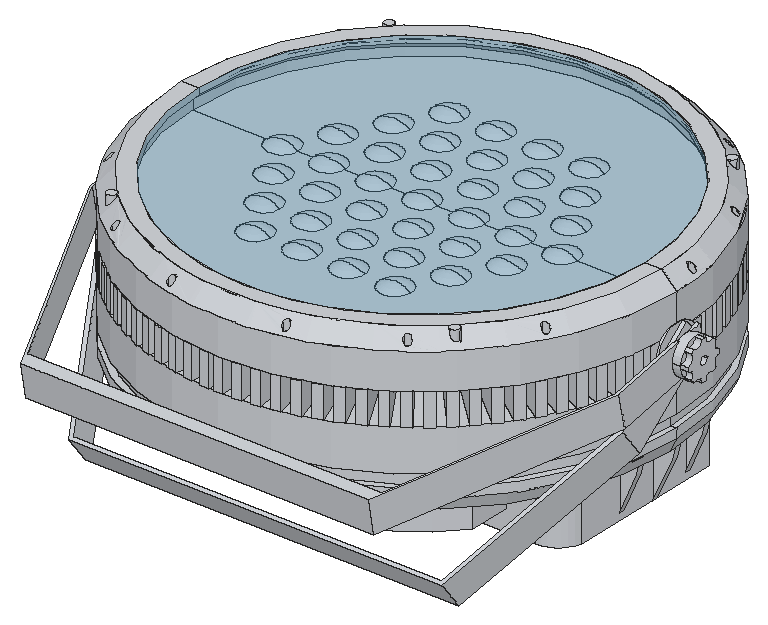
Revit family "WALL WASHER BUILDING RGBW_LV2610QW.20", category Luminarias, Revit 2019
Family settings
  Cota de conector redondo = Diámetro de uso
  Tipo de pieza = Normal
  Se basa en plano de trabajo = Sí
  Siempre vertical = No
  Corte con vacíos al cargar = No
  Origen de luz = Sí
  Compartido = No
  Punto de cálculo de habitación = No
Parameters (values of type "REFL_LV2610QW.20")
  Ángulo de inclinación = 40.00°
  Zone [instance] = ""
  Watt per fixture = 290
  Wattage = 290 W
  built-in parameter 1150107 = 6000 (stored number, unit not read)
  built-in parameter 1150110 = 1 (stored number, unit not read)
  built-in parameter 1150109 = 1 (stored number, unit not read)
  built-in parameter 1150112 = 1 (stored number, unit not read)
  built-in parameter 1150113 = 1 (stored number, unit not read)
  built-in parameter 1114218 = 1 (stored number, unit not read)
  Keynote = ""
  built-in parameter 1150137 = (empty or 0)
  built-in parameter 1150132 = (empty or 0)
  Modelo = "LV2610QW.20"
  Lámpara = "CREE"
  built-in parameter 1150105 = 716.09 (stored number, unit not read)
  built-in parameter 1150102 = (empty or 0)
  built-in parameter 1150106 = 7.1609 (stored number, unit not read)
  Lumens = 8998.7 lm
  Color Filter = 16777215
  built-in parameter 1114217 = 1 (stored number, unit not read)
  built-in parameter 1150139 = (empty or 0)
  Fabricante = "BRILLANT"
  Default Elevation = 0 mm
  built-in parameter 1150104 = 2.8828 (stored number, unit not read)
  Descripción = "LUMINARIA TIPO REFLECTOR DIRIGIBLE, WALL WASHER, CUERPO DE ALUMINIO FUNDIDO A PRESION, 399MM DE DIAMETRO POR 195MM DE PROFUNDO CON UN PESO DE 14.6KG, CUENTA CON 26 LED TIPO CREE TECNOLOGIA RGBW CON UN CONSUMO TOTAL DE 290W, 9000 LUMENES FULL COLOUR, RGBW, IP 66, CABLE H07RN DE 1.5M, APERTURA DE 20 GRADOS POR PROYECTO, ALIMENTADA A 90-277V."
  built-in parameter 1150115 = 1 (stored number, unit not read)
  built-in parameter 1150114 = 1 (stored number, unit not read)
  Comentarios de vataje = "90-277V"
  built-in parameter 1150138 = (empty or 0)
  built-in parameter 1150134 = 5
  Circuit [instance] = ""
  Dimming Lamp Color Temperature Shift = 1
  Archivo de red fotométrica = "LV2610QW_FULL_20.IES"
  built-in parameter 1150133 = 10 (stored number, unit not read)
Reference planes
  plane 1 "Centro (Frontal/Posterior)": y = 0
  plane 2: z = 0
  plane 3 "Centro (Izquierda/Derecha)": x = 0
  plane 4: z = 195
Forms (mm)
  Revolve 1, solid
    sketch origin (0, 0, 0) x (1, 0, 0) y (0, 0, 1)
      loop
        line (175.141, 195) -> (175.141, 189.859) -> (180, 185) -> (180, 177.914) -> (0, 177.914) -> (0, 70) -> (194.5, 70) -> (199.5, 80) -> (199.5, 87.5) -> (194.5, 87.5) -> (194.5, 97.5) -> (199.5, 97.5) -> (199.5, 130) -> (154.5, 130) -> (154.5, 155) -> (199.5, 155) -> (199.5, 183.361) -> (187.861, 195) -> (175.141, 195)
      axis (0, 195) -> (0, 70)
    angle from 0 to 360
  Extrusion 2, solid
    sketch origin (0, 0, 0) x (1, 0, 0) y (0, 1, 0)
      loop
        arc (-3.849, -199.358) -> (-0.226, -199.399) -> (3.398, -199.374) r 200
        line (3.398, -199.374) -> (1.83, -154.458)
        arc (1.83, -154.458) -> (-0.226, -154.464) -> (-2.281, -154.446) r 175
        line (-2.281, -154.446) -> (-3.849, -199.358)
    from 130 to 155
  Extrusion 3, solid
    sketch origin (0, 0, 0) x (0.997554, 0.069902, 0) y (-0.069902, 0.997554, 0)
      loop
        arc (-3.849, -199.358) -> (-0.226, -199.399) -> (3.398, -199.374) r 200
        line (3.398, -199.374) -> (1.83, -154.458)
        arc (1.83, -154.458) -> (-0.226, -154.464) -> (-2.281, -154.446) r 175
        line (-2.281, -154.446) -> (-3.849, -199.358)
    from 130 to 155
  Extrusion 4, solid
    sketch origin (0, 0, 0) x (0.990227, 0.139463, 0) y (-0.139463, 0.990227, 0)
      loop
        arc (-3.849, -199.358) -> (-0.226, -199.399) -> (3.398, -199.374) r 200
        line (3.398, -199.374) -> (1.83, -154.458)
        arc (1.83, -154.458) -> (-0.226, -154.464) -> (-2.281, -154.446) r 175
        line (-2.281, -154.446) -> (-3.849, -199.358)
    from 130 to 155
  Extrusion 5, solid
    sketch origin (0, 0, 0) x (0.978056, 0.208341, 0) y (-0.208341, 0.978056, 0)
      loop
        arc (-3.849, -199.358) -> (-0.226, -199.399) -> (3.398, -199.374) r 200
        line (3.398, -199.374) -> (1.83, -154.458)
        arc (1.83, -154.458) -> (-0.226, -154.464) -> (-2.281, -154.446) r 175
        line (-2.281, -154.446) -> (-3.849, -199.358)
    from 130 to 155
  Extrusion 6, solid
    sketch origin (0, 0, 0) x (0.9611, 0.276199, 0) y (-0.276199, 0.9611, 0)
      loop
        arc (-3.849, -199.358) -> (-0.226, -199.399) -> (3.398, -199.374) r 200
        line (3.398, -199.374) -> (1.83, -154.458)
        arc (1.83, -154.458) -> (-0.226, -154.464) -> (-2.281, -154.446) r 175
        line (-2.281, -154.446) -> (-3.849, -199.358)
    from 130 to 155
  Extrusion 7, solid
    sketch origin (0, 0, 0) x (0.939442, 0.342707, 0) y (-0.342707, 0.939442, 0)
      loop
        arc (-3.849, -199.358) -> (-0.226, -199.399) -> (3.398, -199.374) r 200
        line (3.398, -199.374) -> (1.83, -154.458)
        arc (1.83, -154.458) -> (-0.226, -154.464) -> (-2.281, -154.446) r 175
        line (-2.281, -154.446) -> (-3.849, -199.358)
    from 130 to 155
  Extrusion 8, solid
    sketch origin (0, 0, 0) x (0.913188, 0.407538, 0) y (-0.407538, 0.913188, 0)
      loop
        arc (-3.849, -199.358) -> (-0.226, -199.399) -> (3.398, -199.374) r 200
        line (3.398, -199.374) -> (1.83, -154.458)
        arc (1.83, -154.458) -> (-0.226, -154.464) -> (-2.281, -154.446) r 175
        line (-2.281, -154.446) -> (-3.849, -199.358)
    from 130 to 155
  Extrusion 9, solid
    sketch origin (0, 0, 0) x (0.882467, 0.470375, 0) y (-0.470375, 0.882467, 0)
      loop
        arc (-3.849, -199.358) -> (-0.226, -199.399) -> (3.398, -199.374) r 200
        line (3.398, -199.374) -> (1.83, -154.458)
        arc (1.83, -154.458) -> (-0.226, -154.464) -> (-2.281, -154.446) r 175
        line (-2.281, -154.446) -> (-3.849, -199.358)
    from 130 to 155
  Extrusion 10, solid
    sketch origin (0, 0, 0) x (0.847428, 0.53091, 0) y (-0.53091, 0.847428, 0)
      loop
        arc (-3.849, -199.358) -> (-0.226, -199.399) -> (3.398, -199.374) r 200
        line (3.398, -199.374) -> (1.83, -154.458)
        arc (1.83, -154.458) -> (-0.226, -154.464) -> (-2.281, -154.446) r 175
        line (-2.281, -154.446) -> (-3.849, -199.358)
    from 130 to 155
  Extrusion 11, solid
    sketch origin (0, 0, 0) x (0.808243, 0.588849, 0) y (-0.588849, 0.808243, 0)
      loop
        arc (-3.849, -199.358) -> (-0.226, -199.399) -> (3.398, -199.374) r 200
        line (3.398, -199.374) -> (1.83, -154.458)
        arc (1.83, -154.458) -> (-0.226, -154.464) -> (-2.281, -154.446) r 175
        line (-2.281, -154.446) -> (-3.849, -199.358)
    from 130 to 155
  Extrusion 12, solid
    sketch origin (0, 0, 0) x (0.765104, 0.643906, 0) y (-0.643906, 0.765104, 0)
      loop
        arc (-3.849, -199.358) -> (-0.226, -199.399) -> (3.398, -199.374) r 200
        line (3.398, -199.374) -> (1.83, -154.458)
        arc (1.83, -154.458) -> (-0.226, -154.464) -> (-2.281, -154.446) r 175
        line (-2.281, -154.446) -> (-3.849, -199.358)
    from 130 to 155
  Extrusion 13, solid
    sketch origin (0, 0, 0) x (0.718222, 0.695814, 0) y (-0.695814, 0.718222, 0)
      loop
        arc (-3.849, -199.358) -> (-0.226, -199.399) -> (3.398, -199.374) r 200
        line (3.398, -199.374) -> (1.83, -154.458)
        arc (1.83, -154.458) -> (-0.226, -154.464) -> (-2.281, -154.446) r 175
        line (-2.281, -154.446) -> (-3.849, -199.358)
    from 130 to 155
  Extrusion 14, solid
    sketch origin (0, 0, 0) x (0.667826, 0.744317, 0) y (-0.744317, 0.667826, 0)
      loop
        arc (-3.849, -199.358) -> (-0.226, -199.399) -> (3.398, -199.374) r 200
        line (3.398, -199.374) -> (1.83, -154.458)
        arc (1.83, -154.458) -> (-0.226, -154.464) -> (-2.281, -154.446) r 175
        line (-2.281, -154.446) -> (-3.849, -199.358)
    from 130 to 155
  Extrusion 15, solid
    sketch origin (0, 0, 0) x (0.614163, 0.789179, 0) y (-0.789179, 0.614163, 0)
      loop
        arc (-3.849, -199.358) -> (-0.226, -199.399) -> (3.398, -199.374) r 200
        line (3.398, -199.374) -> (1.83, -154.458)
        arc (1.83, -154.458) -> (-0.226, -154.464) -> (-2.281, -154.446) r 175
        line (-2.281, -154.446) -> (-3.849, -199.358)
    from 130 to 155
  Extrusion 16, solid
    sketch origin (0, 0, 0) x (0.557495, 0.83018, 0) y (-0.83018, 0.557495, 0)
      loop
        arc (-3.849, -199.358) -> (-0.226, -199.399) -> (3.398, -199.374) r 200
        line (3.398, -199.374) -> (1.83, -154.458)
        arc (1.83, -154.458) -> (-0.226, -154.464) -> (-2.281, -154.446) r 175
        line (-2.281, -154.446) -> (-3.849, -199.358)
    from 130 to 155
  Extrusion 17, solid
    sketch origin (0, 0, 0) x (0.4981, 0.867119, 0) y (-0.867119, 0.4981, 0)
      loop
        arc (-3.849, -199.358) -> (-0.226, -199.399) -> (3.398, -199.374) r 200
        line (3.398, -199.374) -> (1.83, -154.458)
        arc (1.83, -154.458) -> (-0.226, -154.464) -> (-2.281, -154.446) r 175
        line (-2.281, -154.446) -> (-3.849, -199.358)
    from 130 to 155
  Extrusion 18, solid
    sketch origin (0, 0, 0) x (0.436268, 0.899817, 0) y (-0.899817, 0.436268, 0)
      loop
        arc (-3.849, -199.358) -> (-0.226, -199.399) -> (3.398, -199.374) r 200
        line (3.398, -199.374) -> (1.83, -154.458)
        arc (1.83, -154.458) -> (-0.226, -154.464) -> (-2.281, -154.446) r 175
        line (-2.281, -154.446) -> (-3.849, -199.358)
    from 130 to 155
  Extrusion 19, solid
    sketch origin (0, 0, 0) x (0.372302, 0.928112, 0) y (-0.928112, 0.372302, 0)
      loop
        arc (-3.849, -199.358) -> (-0.226, -199.399) -> (3.398, -199.374) r 200
        line (3.398, -199.374) -> (1.83, -154.458)
        arc (1.83, -154.458) -> (-0.226, -154.464) -> (-2.281, -154.446) r 175
        line (-2.281, -154.446) -> (-3.849, -199.358)
    from 130 to 155
  Extrusion 20, solid
    sketch origin (0, 0, 0) x (0.306514, 0.951866, 0) y (-0.951866, 0.306514, 0)
      loop
        arc (-3.849, -199.358) -> (-0.226, -199.399) -> (3.398, -199.374) r 200
        line (3.398, -199.374) -> (1.83, -154.458)
        arc (1.83, -154.458) -> (-0.226, -154.464) -> (-2.281, -154.446) r 175
        line (-2.281, -154.446) -> (-3.849, -199.358)
    from 130 to 155
  Extrusion 21, solid
    sketch origin (0, 0, 0) x (0.239227, 0.970964, 0) y (-0.970964, 0.239227, 0)
      loop
        arc (-3.849, -199.358) -> (-0.226, -199.399) -> (3.398, -199.374) r 200
        line (3.398, -199.374) -> (1.83, -154.458)
        arc (1.83, -154.458) -> (-0.226, -154.464) -> (-2.281, -154.446) r 175
        line (-2.281, -154.446) -> (-3.849, -199.358)
    from 130 to 155
  Extrusion 22, solid
    sketch origin (0, 0, 0) x (0.170769, 0.985311, 0) y (-0.985311, 0.170769, 0)
      loop
        arc (-3.849, -199.358) -> (-0.226, -199.399) -> (3.398, -199.374) r 200
        line (3.398, -199.374) -> (1.83, -154.458)
        arc (1.83, -154.458) -> (-0.226, -154.464) -> (-2.281, -154.446) r 175
        line (-2.281, -154.446) -> (-3.849, -199.358)
    from 130 to 155
  Extrusion 23, solid
    sketch origin (0, 0, 0) x (0.101476, 0.994838, 0) y (-0.994838, 0.101476, 0)
      loop
        arc (-3.849, -199.358) -> (-0.226, -199.399) -> (3.398, -199.374) r 200
        line (3.398, -199.374) -> (1.83, -154.458)
        arc (1.83, -154.458) -> (-0.226, -154.464) -> (-2.281, -154.446) r 175
        line (-2.281, -154.446) -> (-3.849, -199.358)
    from 130 to 155
  Extrusion 24, solid
    sketch origin (0, 0, 0) x (0.031686, 0.999498, 0) y (-0.999498, 0.031686, 0)
      loop
        arc (-3.849, -199.358) -> (-0.226, -199.399) -> (3.398, -199.374) r 200
        line (3.398, -199.374) -> (1.83, -154.458)
        arc (1.83, -154.458) -> (-0.226, -154.464) -> (-2.281, -154.446) r 175
        line (-2.281, -154.446) -> (-3.849, -199.358)
    from 130 to 155
  Extrusion 25, solid
    sketch origin (0, 0, 0) x (-0.038259, 0.999268, 0) y (-0.999268, -0.038259, 0)
      loop
        arc (-3.849, -199.358) -> (-0.226, -199.399) -> (3.398, -199.374) r 200
        line (3.398, -199.374) -> (1.83, -154.458)
        arc (1.83, -154.458) -> (-0.226, -154.464) -> (-2.281, -154.446) r 175
        line (-2.281, -154.446) -> (-3.849, -199.358)
    from 130 to 155
  Extrusion 26, solid
    sketch origin (0, 0, 0) x (-0.108016, 0.994149, 0) y (-0.994149, -0.108016, 0)
      loop
        arc (-3.849, -199.358) -> (-0.226, -199.399) -> (3.398, -199.374) r 200
        line (3.398, -199.374) -> (1.83, -154.458)
        arc (1.83, -154.458) -> (-0.226, -154.464) -> (-2.281, -154.446) r 175
        line (-2.281, -154.446) -> (-3.849, -199.358)
    from 130 to 155
  Extrusion 27, solid
    sketch origin (0, 0, 0) x (-0.177245, 0.984167, 0) y (-0.984167, -0.177245, 0)
      loop
        arc (-3.849, -199.358) -> (-0.226, -199.399) -> (3.398, -199.374) r 200
        line (3.398, -199.374) -> (1.83, -154.458)
        arc (1.83, -154.458) -> (-0.226, -154.464) -> (-2.281, -154.446) r 175
        line (-2.281, -154.446) -> (-3.849, -199.358)
    from 130 to 155
  Extrusion 28, solid
    sketch origin (0, 0, 0) x (-0.245607, 0.969369, 0) y (-0.969369, -0.245607, 0)
      loop
        arc (-3.849, -199.358) -> (-0.226, -199.399) -> (3.398, -199.374) r 200
        line (3.398, -199.374) -> (1.83, -154.458)
        arc (1.83, -154.458) -> (-0.226, -154.464) -> (-2.281, -154.446) r 175
        line (-2.281, -154.446) -> (-3.849, -199.358)
    from 130 to 155
  Extrusion 29, solid
    sketch origin (0, 0, 0) x (-0.312767, 0.94983, 0) y (-0.94983, -0.312767, 0)
      loop
        arc (-3.849, -199.358) -> (-0.226, -199.399) -> (3.398, -199.374) r 200
        line (3.398, -199.374) -> (1.83, -154.458)
        arc (1.83, -154.458) -> (-0.226, -154.464) -> (-2.281, -154.446) r 175
        line (-2.281, -154.446) -> (-3.849, -199.358)
    from 130 to 155
  Extrusion 30, solid
    sketch origin (0, 0, 0) x (-0.378398, 0.925643, 0) y (-0.925643, -0.378398, 0)
      loop
        arc (-3.849, -199.358) -> (-0.226, -199.399) -> (3.398, -199.374) r 200
        line (3.398, -199.374) -> (1.83, -154.458)
        arc (1.83, -154.458) -> (-0.226, -154.464) -> (-2.281, -154.446) r 175
        line (-2.281, -154.446) -> (-3.849, -199.358)
    from 130 to 155
  Extrusion 31, solid
    sketch origin (0, 0, 0) x (-0.442176, 0.896928, 0) y (-0.896928, -0.442176, 0)
      loop
        arc (-3.849, -199.358) -> (-0.226, -199.399) -> (3.398, -199.374) r 200
        line (3.398, -199.374) -> (1.83, -154.458)
        arc (1.83, -154.458) -> (-0.226, -154.464) -> (-2.281, -154.446) r 175
        line (-2.281, -154.446) -> (-3.849, -199.358)
    from 130 to 155
  Extrusion 32, solid
    sketch origin (0, 0, 0) x (-0.503792, 0.863825, 0) y (-0.863825, -0.503792, 0)
      loop
        arc (-3.849, -199.358) -> (-0.226, -199.399) -> (3.398, -199.374) r 200
        line (3.398, -199.374) -> (1.83, -154.458)
        arc (1.83, -154.458) -> (-0.226, -154.464) -> (-2.281, -154.446) r 175
        line (-2.281, -154.446) -> (-3.849, -199.358)
    from 130 to 155
  Extrusion 33, solid
    sketch origin (0, 0, 0) x (-0.562943, 0.826496, 0) y (-0.826496, -0.562943, 0)
      loop
        arc (-3.849, -199.358) -> (-0.226, -199.399) -> (3.398, -199.374) r 200
        line (3.398, -199.374) -> (1.83, -154.458)
        arc (1.83, -154.458) -> (-0.226, -154.464) -> (-2.281, -154.446) r 175
        line (-2.281, -154.446) -> (-3.849, -199.358)
    from 130 to 155
  Extrusion 34, solid
    sketch origin (0, 0, 0) x (-0.61934, 0.785123, 0) y (-0.785123, -0.61934, 0)
      loop
        arc (-3.849, -199.358) -> (-0.226, -199.399) -> (3.398, -199.374) r 200
        line (3.398, -199.374) -> (1.83, -154.458)
        arc (1.83, -154.458) -> (-0.226, -154.464) -> (-2.281, -154.446) r 175
        line (-2.281, -154.446) -> (-3.849, -199.358)
    from 130 to 155
  Extrusion 35, solid
    sketch origin (0, 0, 0) x (-0.672707, 0.739909, 0) y (-0.739909, -0.672707, 0)
      loop
        arc (-3.849, -199.358) -> (-0.226, -199.399) -> (3.398, -199.374) r 200
        line (3.398, -199.374) -> (1.83, -154.458)
        arc (1.83, -154.458) -> (-0.226, -154.464) -> (-2.281, -154.446) r 175
        line (-2.281, -154.446) -> (-3.849, -199.358)
    from 130 to 155
  Extrusion 36, solid
    sketch origin (0, 0, 0) x (-0.722783, 0.691075, 0) y (-0.691075, -0.722783, 0)
      loop
        arc (-3.849, -199.358) -> (-0.226, -199.399) -> (3.398, -199.374) r 200
        line (3.398, -199.374) -> (1.83, -154.458)
        arc (1.83, -154.458) -> (-0.226, -154.464) -> (-2.281, -154.446) r 175
        line (-2.281, -154.446) -> (-3.849, -199.358)
    from 130 to 155
  Extrusion 37, solid
    sketch origin (0, 0, 0) x (-0.769322, 0.638861, 0) y (-0.638861, -0.769322, 0)
      loop
        arc (-3.849, -199.358) -> (-0.226, -199.399) -> (3.398, -199.374) r 200
        line (3.398, -199.374) -> (1.83, -154.458)
        arc (1.83, -154.458) -> (-0.226, -154.464) -> (-2.281, -154.446) r 175
        line (-2.281, -154.446) -> (-3.849, -199.358)
    from 130 to 155
  Extrusion 38, solid
    sketch origin (0, 0, 0) x (-0.812098, 0.583521, 0) y (-0.583521, -0.812098, 0)
      loop
        arc (-3.849, -199.358) -> (-0.226, -199.399) -> (3.398, -199.374) r 200
        line (3.398, -199.374) -> (1.83, -154.458)
        arc (1.83, -154.458) -> (-0.226, -154.464) -> (-2.281, -154.446) r 175
        line (-2.281, -154.446) -> (-3.849, -199.358)
    from 130 to 155
  Extrusion 39, solid
    sketch origin (0, 0, 0) x (-0.850901, 0.525326, 0) y (-0.525326, -0.850901, 0)
      loop
        arc (-3.849, -199.358) -> (-0.226, -199.399) -> (3.398, -199.374) r 200
        line (3.398, -199.374) -> (1.83, -154.458)
        arc (1.83, -154.458) -> (-0.226, -154.464) -> (-2.281, -154.446) r 175
        line (-2.281, -154.446) -> (-3.849, -199.358)
    from 130 to 155
  Extrusion 40, solid
    sketch origin (0, 0, 0) x (-0.885541, 0.464561, 0) y (-0.464561, -0.885541, 0)
      loop
        arc (-3.849, -199.358) -> (-0.226, -199.399) -> (3.398, -199.374) r 200
        line (3.398, -199.374) -> (1.83, -154.458)
        arc (1.83, -154.458) -> (-0.226, -154.464) -> (-2.281, -154.446) r 175
        line (-2.281, -154.446) -> (-3.849, -199.358)
    from 130 to 155
  Extrusion 41, solid
    sketch origin (0, 0, 0) x (-0.915849, 0.401523, 0) y (-0.401523, -0.915849, 0)
      loop
        arc (-3.849, -199.358) -> (-0.226, -199.399) -> (3.398, -199.374) r 200
        line (3.398, -199.374) -> (1.83, -154.458)
        arc (1.83, -154.458) -> (-0.226, -154.464) -> (-2.281, -154.446) r 175
        line (-2.281, -154.446) -> (-3.849, -199.358)
    from 130 to 155
  Extrusion 42, solid
    sketch origin (0, 0, 0) x (-0.941676, 0.336521, 0) y (-0.336521, -0.941676, 0)
      loop
        arc (-3.849, -199.358) -> (-0.226, -199.399) -> (3.398, -199.374) r 200
        line (3.398, -199.374) -> (1.83, -154.458)
        arc (1.83, -154.458) -> (-0.226, -154.464) -> (-2.281, -154.446) r 175
        line (-2.281, -154.446) -> (-3.849, -199.358)
    from 130 to 155
  Extrusion 43, solid
    sketch origin (0, 0, 0) x (-0.962896, 0.269873, 0) y (-0.269873, -0.962896, 0)
      loop
        arc (-3.849, -199.358) -> (-0.226, -199.399) -> (3.398, -199.374) r 200
        line (3.398, -199.374) -> (1.83, -154.458)
        arc (1.83, -154.458) -> (-0.226, -154.464) -> (-2.281, -154.446) r 175
        line (-2.281, -154.446) -> (-3.849, -199.358)
    from 130 to 155
  Extrusion 44, solid
    sketch origin (0, 0, 0) x (-0.979405, 0.201904, 0) y (-0.201904, -0.979405, 0)
      loop
        arc (-3.849, -199.358) -> (-0.226, -199.399) -> (3.398, -199.374) r 200
        line (3.398, -199.374) -> (1.83, -154.458)
        arc (1.83, -154.458) -> (-0.226, -154.464) -> (-2.281, -154.446) r 175
        line (-2.281, -154.446) -> (-3.849, -199.358)
    from 130 to 155
  Extrusion 45, solid
    sketch origin (0, 0, 0) x (-0.991123, 0.132947, 0) y (-0.132947, -0.991123, 0)
      loop
        arc (-3.849, -199.358) -> (-0.226, -199.399) -> (3.398, -199.374) r 200
        line (3.398, -199.374) -> (1.83, -154.458)
        arc (1.83, -154.458) -> (-0.226, -154.464) -> (-2.281, -154.446) r 175
        line (-2.281, -154.446) -> (-3.849, -199.358)
    from 130 to 155
  Extrusion 46, solid
    sketch origin (0, 0, 0) x (-0.997992, 0.06334, 0) y (-0.06334, -0.997992, 0)
      loop
        arc (-3.849, -199.358) -> (-0.226, -199.399) -> (3.398, -199.374) r 200
        line (3.398, -199.374) -> (1.83, -154.458)
        arc (1.83, -154.458) -> (-0.226, -154.464) -> (-2.281, -154.446) r 175
        line (-2.281, -154.446) -> (-3.849, -199.358)
    from 130 to 155
  Extrusion 47, solid
    sketch origin (0, 0, 0) x (-0.999978, -0.006576, 0) y (0.006576, -0.999978, 0)
      loop
        arc (-3.849, -199.358) -> (-0.226, -199.399) -> (3.398, -199.374) r 200
        line (3.398, -199.374) -> (1.83, -154.458)
        arc (1.83, -154.458) -> (-0.226, -154.464) -> (-2.281, -154.446) r 175
        line (-2.281, -154.446) -> (-3.849, -199.358)
    from 130 to 155
  Extrusion 48, solid
    sketch origin (0, 0, 0) x (-0.997073, -0.076461, 0) y (0.076461, -0.997073, 0)
      loop
        arc (-3.849, -199.358) -> (-0.226, -199.399) -> (3.398, -199.374) r 200
        line (3.398, -199.374) -> (1.83, -154.458)
        arc (1.83, -154.458) -> (-0.226, -154.464) -> (-2.281, -154.446) r 175
        line (-2.281, -154.446) -> (-3.849, -199.358)
    from 130 to 155
  Extrusion 49, solid
    sketch origin (0, 0, 0) x (-0.989289, -0.145972, 0) y (0.145972, -0.989289, 0)
      loop
        arc (-3.849, -199.358) -> (-0.226, -199.399) -> (3.398, -199.374) r 200
        line (3.398, -199.374) -> (1.83, -154.458)
        arc (1.83, -154.458) -> (-0.226, -154.464) -> (-2.281, -154.446) r 175
        line (-2.281, -154.446) -> (-3.849, -199.358)
    from 130 to 155
  Extrusion 50, solid
    sketch origin (0, 0, 0) x (-0.976665, -0.214768, 0) y (0.214768, -0.976665, 0)
      loop
        arc (-3.849, -199.358) -> (-0.226, -199.399) -> (3.398, -199.374) r 200
        line (3.398, -199.374) -> (1.83, -154.458)
        arc (1.83, -154.458) -> (-0.226, -154.464) -> (-2.281, -154.446) r 175
        line (-2.281, -154.446) -> (-3.849, -199.358)
    from 130 to 155
  Extrusion 51, solid
    sketch origin (0, 0, 0) x (-0.959263, -0.282514, 0) y (0.282514, -0.959263, 0)
      loop
        arc (-3.849, -199.358) -> (-0.226, -199.399) -> (3.398, -199.374) r 200
        line (3.398, -199.374) -> (1.83, -154.458)
        arc (1.83, -154.458) -> (-0.226, -154.464) -> (-2.281, -154.446) r 175
        line (-2.281, -154.446) -> (-3.849, -199.358)
    from 130 to 155
  Extrusion 52, solid
    sketch origin (0, 0, 0) x (-0.937168, -0.348878, 0) y (0.348878, -0.937168, 0)
      loop
        arc (-3.849, -199.358) -> (-0.226, -199.399) -> (3.398, -199.374) r 200
        line (3.398, -199.374) -> (1.83, -154.458)
        arc (1.83, -154.458) -> (-0.226, -154.464) -> (-2.281, -154.446) r 175
        line (-2.281, -154.446) -> (-3.849, -199.358)
    from 130 to 155
  Extrusion 53, solid
    sketch origin (0, 0, 0) x (-0.910489, -0.413534, 0) y (0.413534, -0.910489, 0)
      loop
        arc (-3.849, -199.358) -> (-0.226, -199.399) -> (3.398, -199.374) r 200
        line (3.398, -199.374) -> (1.83, -154.458)
        arc (1.83, -154.458) -> (-0.226, -154.464) -> (-2.281, -154.446) r 175
        line (-2.281, -154.446) -> (-3.849, -199.358)
    from 130 to 155
  Extrusion 54, solid
    sketch origin (0, 0, 0) x (-0.879354, -0.476168, 0) y (0.476168, -0.879354, 0)
      loop
        arc (-3.849, -199.358) -> (-0.226, -199.399) -> (3.398, -199.374) r 200
        line (3.398, -199.374) -> (1.83, -154.458)
        arc (1.83, -154.458) -> (-0.226, -154.464) -> (-2.281, -154.446) r 175
        line (-2.281, -154.446) -> (-3.849, -199.358)
    from 130 to 155
  Extrusion 55, solid
    sketch origin (0, 0, 0) x (-0.843918, -0.536472, 0) y (0.536472, -0.843918, 0)
      loop
        arc (-3.849, -199.358) -> (-0.226, -199.399) -> (3.398, -199.374) r 200
        line (3.398, -199.374) -> (1.83, -154.458)
        arc (1.83, -154.458) -> (-0.226, -154.464) -> (-2.281, -154.446) r 175
        line (-2.281, -154.446) -> (-3.849, -199.358)
    from 130 to 155
  Extrusion 56, solid
    sketch origin (0, 0, 0) x (-0.804353, -0.594152, 0) y (0.594152, -0.804353, 0)
      loop
        arc (-3.849, -199.358) -> (-0.226, -199.399) -> (3.398, -199.374) r 200
        line (3.398, -199.374) -> (1.83, -154.458)
        arc (1.83, -154.458) -> (-0.226, -154.464) -> (-2.281, -154.446) r 175
        line (-2.281, -154.446) -> (-3.849, -199.358)
    from 130 to 155
  Extrusion 57, solid
    sketch origin (0, 0, 0) x (-0.760853, -0.648924, 0) y (0.648924, -0.760853, 0)
      loop
        arc (-3.849, -199.358) -> (-0.226, -199.399) -> (3.398, -199.374) r 200
        line (3.398, -199.374) -> (1.83, -154.458)
        arc (1.83, -154.458) -> (-0.226, -154.464) -> (-2.281, -154.446) r 175
        line (-2.281, -154.446) -> (-3.849, -199.358)
    from 130 to 155
  Extrusion 58, solid
    sketch origin (0, 0, 0) x (-0.713631, -0.700522, 0) y (0.700522, -0.713631, 0)
      loop
        arc (-3.849, -199.358) -> (-0.226, -199.399) -> (3.398, -199.374) r 200
        line (3.398, -199.374) -> (1.83, -154.458)
        arc (1.83, -154.458) -> (-0.226, -154.464) -> (-2.281, -154.446) r 175
        line (-2.281, -154.446) -> (-3.849, -199.358)
    from 130 to 155
  Extrusion 59, solid
    sketch origin (0, 0, 0) x (-0.662917, -0.748693, 0) y (0.748693, -0.662917, 0)
      loop
        arc (-3.849, -199.358) -> (-0.226, -199.399) -> (3.398, -199.374) r 200
        line (3.398, -199.374) -> (1.83, -154.458)
        arc (1.83, -154.458) -> (-0.226, -154.464) -> (-2.281, -154.446) r 175
        line (-2.281, -154.446) -> (-3.849, -199.358)
    from 130 to 155
  Extrusion 60, solid
    sketch origin (0, 0, 0) x (-0.60896, -0.793201, 0) y (0.793201, -0.60896, 0)
      loop
        arc (-3.849, -199.358) -> (-0.226, -199.399) -> (3.398, -199.374) r 200
        line (3.398, -199.374) -> (1.83, -154.458)
        arc (1.83, -154.458) -> (-0.226, -154.464) -> (-2.281, -154.446) r 175
        line (-2.281, -154.446) -> (-3.849, -199.358)
    from 130 to 155
  Extrusion 61, solid
    sketch origin (0, 0, 0) x (-0.552024, -0.833828, 0) y (0.833828, -0.552024, 0)
      loop
        arc (-3.849, -199.358) -> (-0.226, -199.399) -> (3.398, -199.374) r 200
        line (3.398, -199.374) -> (1.83, -154.458)
        arc (1.83, -154.458) -> (-0.226, -154.464) -> (-2.281, -154.446) r 175
        line (-2.281, -154.446) -> (-3.849, -199.358)
    from 130 to 155
  Extrusion 62, solid
    sketch origin (0, 0, 0) x (-0.492387, -0.870376, 0) y (0.870376, -0.492387, 0)
      loop
        arc (-3.849, -199.358) -> (-0.226, -199.399) -> (3.398, -199.374) r 200
        line (3.398, -199.374) -> (1.83, -154.458)
        arc (1.83, -154.458) -> (-0.226, -154.464) -> (-2.281, -154.446) r 175
        line (-2.281, -154.446) -> (-3.849, -199.358)
    from 130 to 155
  Extrusion 63, solid
    sketch origin (0, 0, 0) x (-0.430341, -0.902666, 0) y (0.902666, -0.430341, 0)
      loop
        arc (-3.849, -199.358) -> (-0.226, -199.399) -> (3.398, -199.374) r 200
        line (3.398, -199.374) -> (1.83, -154.458)
        arc (1.83, -154.458) -> (-0.226, -154.464) -> (-2.281, -154.446) r 175
        line (-2.281, -154.446) -> (-3.849, -199.358)
    from 130 to 155
  Extrusion 64, solid
    sketch origin (0, 0, 0) x (-0.36619, -0.93054, 0) y (0.93054, -0.36619, 0)
      loop
        arc (-3.849, -199.358) -> (-0.226, -199.399) -> (3.398, -199.374) r 200
        line (3.398, -199.374) -> (1.83, -154.458)
        arc (1.83, -154.458) -> (-0.226, -154.464) -> (-2.281, -154.446) r 175
        line (-2.281, -154.446) -> (-3.849, -199.358)
    from 130 to 155
  Extrusion 65, solid
    sketch origin (0, 0, 0) x (-0.300247, -0.953861, 0) y (0.953861, -0.300247, 0)
      loop
        arc (-3.849, -199.358) -> (-0.226, -199.399) -> (3.398, -199.374) r 200
        line (3.398, -199.374) -> (1.83, -154.458)
        arc (1.83, -154.458) -> (-0.226, -154.464) -> (-2.281, -154.446) r 175
        line (-2.281, -154.446) -> (-3.849, -199.358)
    from 130 to 155
  Extrusion 66, solid
    sketch origin (0, 0, 0) x (-0.232836, -0.972516, 0) y (0.972516, -0.232836, 0)
      loop
        arc (-3.849, -199.358) -> (-0.226, -199.399) -> (3.398, -199.374) r 200
        line (3.398, -199.374) -> (1.83, -154.458)
        arc (1.83, -154.458) -> (-0.226, -154.464) -> (-2.281, -154.446) r 175
        line (-2.281, -154.446) -> (-3.849, -199.358)
    from 130 to 155
  Extrusion 67, solid
    sketch origin (0, 0, 0) x (-0.164285, -0.986413, 0) y (0.986413, -0.164285, 0)
      loop
        arc (-3.849, -199.358) -> (-0.226, -199.399) -> (3.398, -199.374) r 200
        line (3.398, -199.374) -> (1.83, -154.458)
        arc (1.83, -154.458) -> (-0.226, -154.464) -> (-2.281, -154.446) r 175
        line (-2.281, -154.446) -> (-3.849, -199.358)
    from 130 to 155
  Extrusion 68, solid
    sketch origin (0, 0, 0) x (-0.094931, -0.995484, 0) y (0.995484, -0.094931, 0)
      loop
        arc (-3.849, -199.358) -> (-0.226, -199.399) -> (3.398, -199.374) r 200
        line (3.398, -199.374) -> (1.83, -154.458)
        arc (1.83, -154.458) -> (-0.226, -154.464) -> (-2.281, -154.446) r 175
        line (-2.281, -154.446) -> (-3.849, -199.358)
    from 130 to 155
  Extrusion 69, solid
    sketch origin (0, 0, 0) x (-0.025112, -0.999685, 0) y (0.999685, -0.025112, 0)
      loop
        arc (-3.849, -199.358) -> (-0.226, -199.399) -> (3.398, -199.374) r 200
        line (3.398, -199.374) -> (1.83, -154.458)
        arc (1.83, -154.458) -> (-0.226, -154.464) -> (-2.281, -154.446) r 175
        line (-2.281, -154.446) -> (-3.849, -199.358)
    from 130 to 155
  Extrusion 70, solid
    sketch origin (0, 0, 0) x (0.044829, -0.998995, 0) y (0.998995, 0.044829, 0)
      loop
        arc (-3.849, -199.358) -> (-0.226, -199.399) -> (3.398, -199.374) r 200
        line (3.398, -199.374) -> (1.83, -154.458)
        arc (1.83, -154.458) -> (-0.226, -154.464) -> (-2.281, -154.446) r 175
        line (-2.281, -154.446) -> (-3.849, -199.358)
    from 130 to 155
  Extrusion 71, solid
    sketch origin (0, 0, 0) x (0.114552, -0.993417, 0) y (0.993417, 0.114552, 0)
      loop
        arc (-3.849, -199.358) -> (-0.226, -199.399) -> (3.398, -199.374) r 200
        line (3.398, -199.374) -> (1.83, -154.458)
        arc (1.83, -154.458) -> (-0.226, -154.464) -> (-2.281, -154.446) r 175
        line (-2.281, -154.446) -> (-3.849, -199.358)
    from 130 to 155
  Extrusion 72, solid
    sketch origin (0, 0, 0) x (0.183714, -0.98298, 0) y (0.98298, 0.183714, 0)
      loop
        arc (-3.849, -199.358) -> (-0.226, -199.399) -> (3.398, -199.374) r 200
        line (3.398, -199.374) -> (1.83, -154.458)
        arc (1.83, -154.458) -> (-0.226, -154.464) -> (-2.281, -154.446) r 175
        line (-2.281, -154.446) -> (-3.849, -199.358)
    from 130 to 155
  Extrusion 73, solid
    sketch origin (0, 0, 0) x (0.251977, -0.967733, 0) y (0.967733, 0.251977, 0)
      loop
        arc (-3.849, -199.358) -> (-0.226, -199.399) -> (3.398, -199.374) r 200
        line (3.398, -199.374) -> (1.83, -154.458)
        arc (1.83, -154.458) -> (-0.226, -154.464) -> (-2.281, -154.446) r 175
        line (-2.281, -154.446) -> (-3.849, -199.358)
    from 130 to 155
  Extrusion 74, solid
    sketch origin (0, 0, 0) x (0.319007, -0.947752, 0) y (0.947752, 0.319007, 0)
      loop
        arc (-3.849, -199.358) -> (-0.226, -199.399) -> (3.398, -199.374) r 200
        line (3.398, -199.374) -> (1.83, -154.458)
        arc (1.83, -154.458) -> (-0.226, -154.464) -> (-2.281, -154.446) r 175
        line (-2.281, -154.446) -> (-3.849, -199.358)
    from 130 to 155
  Extrusion 75, solid
    sketch origin (0, 0, 0) x (0.384477, -0.923135, 0) y (0.923135, 0.384477, 0)
      loop
        arc (-3.849, -199.358) -> (-0.226, -199.399) -> (3.398, -199.374) r 200
        line (3.398, -199.374) -> (1.83, -154.458)
        arc (1.83, -154.458) -> (-0.226, -154.464) -> (-2.281, -154.446) r 175
        line (-2.281, -154.446) -> (-3.849, -199.358)
    from 130 to 155
  Extrusion 76, solid
    sketch origin (0, 0, 0) x (0.448066, -0.894001, 0) y (0.894001, 0.448066, 0)
      loop
        arc (-3.849, -199.358) -> (-0.226, -199.399) -> (3.398, -199.374) r 200
        line (3.398, -199.374) -> (1.83, -154.458)
        arc (1.83, -154.458) -> (-0.226, -154.464) -> (-2.281, -154.446) r 175
        line (-2.281, -154.446) -> (-3.849, -199.358)
    from 130 to 155
  Extrusion 77, solid
    sketch origin (0, 0, 0) x (0.509462, -0.860493, 0) y (0.860493, 0.509462, 0)
      loop
        arc (-3.849, -199.358) -> (-0.226, -199.399) -> (3.398, -199.374) r 200
        line (3.398, -199.374) -> (1.83, -154.458)
        arc (1.83, -154.458) -> (-0.226, -154.464) -> (-2.281, -154.446) r 175
        line (-2.281, -154.446) -> (-3.849, -199.358)
    from 130 to 155
  Extrusion 78, solid
    sketch origin (0, 0, 0) x (0.568366, -0.822776, 0) y (0.822776, 0.568366, 0)
      loop
        arc (-3.849, -199.358) -> (-0.226, -199.399) -> (3.398, -199.374) r 200
        line (3.398, -199.374) -> (1.83, -154.458)
        arc (1.83, -154.458) -> (-0.226, -154.464) -> (-2.281, -154.446) r 175
        line (-2.281, -154.446) -> (-3.849, -199.358)
    from 130 to 155
  Extrusion 79, solid
    sketch origin (0, 0, 0) x (0.62449, -0.781033, 0) y (0.781033, 0.62449, 0)
      loop
        arc (-3.849, -199.358) -> (-0.226, -199.399) -> (3.398, -199.374) r 200
        line (3.398, -199.374) -> (1.83, -154.458)
        arc (1.83, -154.458) -> (-0.226, -154.464) -> (-2.281, -154.446) r 175
        line (-2.281, -154.446) -> (-3.849, -199.358)
    from 130 to 155
  Extrusion 80, solid
    sketch origin (0, 0, 0) x (0.677558, -0.735469, 0) y (0.735469, 0.677558, 0)
      loop
        arc (-3.849, -199.358) -> (-0.226, -199.399) -> (3.398, -199.374) r 200
        line (3.398, -199.374) -> (1.83, -154.458)
        arc (1.83, -154.458) -> (-0.226, -154.464) -> (-2.281, -154.446) r 175
        line (-2.281, -154.446) -> (-3.849, -199.358)
    from 130 to 155
  Extrusion 81, solid
    sketch origin (0, 0, 0) x (0.727312, -0.686307, 0) y (0.686307, 0.727312, 0)
      loop
        arc (-3.849, -199.358) -> (-0.226, -199.399) -> (3.398, -199.374) r 200
        line (3.398, -199.374) -> (1.83, -154.458)
        arc (1.83, -154.458) -> (-0.226, -154.464) -> (-2.281, -154.446) r 175
        line (-2.281, -154.446) -> (-3.849, -199.358)
    from 130 to 155
  Extrusion 82, solid
    sketch origin (0, 0, 0) x (0.773507, -0.633788, 0) y (0.633788, 0.773507, 0)
      loop
        arc (-3.849, -199.358) -> (-0.226, -199.399) -> (3.398, -199.374) r 200
        line (3.398, -199.374) -> (1.83, -154.458)
        arc (1.83, -154.458) -> (-0.226, -154.464) -> (-2.281, -154.446) r 175
        line (-2.281, -154.446) -> (-3.849, -199.358)
    from 130 to 155
  Extrusion 83, solid
    sketch origin (0, 0, 0) x (0.815918, -0.578167, 0) y (0.578167, 0.815918, 0)
      loop
        arc (-3.849, -199.358) -> (-0.226, -199.399) -> (3.398, -199.374) r 200
        line (3.398, -199.374) -> (1.83, -154.458)
        arc (1.83, -154.458) -> (-0.226, -154.464) -> (-2.281, -154.446) r 175
        line (-2.281, -154.446) -> (-3.849, -199.358)
    from 130 to 155
  Extrusion 84, solid
    sketch origin (0, 0, 0) x (0.854338, -0.519719, 0) y (0.519719, 0.854338, 0)
      loop
        arc (-3.849, -199.358) -> (-0.226, -199.399) -> (3.398, -199.374) r 200
        line (3.398, -199.374) -> (1.83, -154.458)
        arc (1.83, -154.458) -> (-0.226, -154.464) -> (-2.281, -154.446) r 175
        line (-2.281, -154.446) -> (-3.849, -199.358)
    from 130 to 155
  Extrusion 85, solid
    sketch origin (0, 0, 0) x (0.888577, -0.458727, 0) y (0.458727, 0.888577, 0)
      loop
        arc (-3.849, -199.358) -> (-0.226, -199.399) -> (3.398, -199.374) r 200
        line (3.398, -199.374) -> (1.83, -154.458)
        arc (1.83, -154.458) -> (-0.226, -154.464) -> (-2.281, -154.446) r 175
        line (-2.281, -154.446) -> (-3.849, -199.358)
    from 130 to 155
  Extrusion 86, solid
    sketch origin (0, 0, 0) x (0.91847, -0.395491, 0) y (0.395491, 0.91847, 0)
      loop
        arc (-3.849, -199.358) -> (-0.226, -199.399) -> (3.398, -199.374) r 200
        line (3.398, -199.374) -> (1.83, -154.458)
        arc (1.83, -154.458) -> (-0.226, -154.464) -> (-2.281, -154.446) r 175
        line (-2.281, -154.446) -> (-3.849, -199.358)
    from 130 to 155
  Extrusion 87, solid
    sketch origin (0, 0, 0) x (0.943869, -0.330321, 0) y (0.330321, 0.943869, 0)
      loop
        arc (-3.849, -199.358) -> (-0.226, -199.399) -> (3.398, -199.374) r 200
        line (3.398, -199.374) -> (1.83, -154.458)
        arc (1.83, -154.458) -> (-0.226, -154.464) -> (-2.281, -154.446) r 175
        line (-2.281, -154.446) -> (-3.849, -199.358)
    from 130 to 155
  Extrusion 88, solid
    sketch origin (0, 0, 0) x (0.96465, -0.263534, 0) y (0.263534, 0.96465, 0)
      loop
        arc (-3.849, -199.358) -> (-0.226, -199.399) -> (3.398, -199.374) r 200
        line (3.398, -199.374) -> (1.83, -154.458)
        arc (1.83, -154.458) -> (-0.226, -154.464) -> (-2.281, -154.446) r 175
        line (-2.281, -154.446) -> (-3.849, -199.358)
    from 130 to 155
  Extrusion 89, solid
    sketch origin (0, 0, 0) x (0.980712, -0.195458, 0) y (0.195458, 0.980712, 0)
      loop
        arc (-3.849, -199.358) -> (-0.226, -199.399) -> (3.398, -199.374) r 200
        line (3.398, -199.374) -> (1.83, -154.458)
        arc (1.83, -154.458) -> (-0.226, -154.464) -> (-2.281, -154.446) r 175
        line (-2.281, -154.446) -> (-3.849, -199.358)
    from 130 to 155
  Extrusion 90, solid
    sketch origin (0, 0, 0) x (0.991976, -0.126426, 0) y (0.126426, 0.991976, 0)
      loop
        arc (-3.849, -199.358) -> (-0.226, -199.399) -> (3.398, -199.374) r 200
        line (3.398, -199.374) -> (1.83, -154.458)
        arc (1.83, -154.458) -> (-0.226, -154.464) -> (-2.281, -154.446) r 175
        line (-2.281, -154.446) -> (-3.849, -199.358)
    from 130 to 155
  Extrusion 91, solid
    sketch origin (0, 0, 0) x (0.998387, -0.056776, 0) y (0.056776, 0.998387, 0)
      loop
        arc (-3.849, -199.358) -> (-0.226, -199.399) -> (3.398, -199.374) r 200
        line (3.398, -199.374) -> (1.83, -154.458)
        arc (1.83, -154.458) -> (-0.226, -154.464) -> (-2.281, -154.446) r 175
        line (-2.281, -154.446) -> (-3.849, -199.358)
    from 130 to 155
  Extrusion 92, solid, material "Cristal"
    sketch origin (0, 0, 0) x (1, 0, 0) y (0, 1, 0)
      loop
        circle (0, 0) r 175.141
    from 192.382 to 195
  Extrusion 93, solid
    sketch origin (0, 0, 0) x (1, 0, 0) y (0, 1, 0)
      loop
        arc (-43.337, 170) -> (-101.486, 142.221) -> (-146.826, 96.425) r 187.861
        line (-146.826, 96.425) -> (-146.826, -27.582)
        arc (-146.826, -27.582) -> (-138.977, -40.143) -> (-125, -45.046) r 22.371
        line (-125, -45.046) -> (125, -45.046)
        arc (125, -45.046) -> (138.977, -40.143) -> (146.826, -27.582) r 22.371
        line (146.826, -27.582) -> (146.826, 97.172)
        arc (146.826, 97.172) -> (102.476, 142.216) -> (45.696, 170) r 187.861
        line (45.696, 170) -> (-43.337, 170)
    from 0 to 70
  Extrusion 94, solid
    sketch origin (0, 0, 0) x (1, 0, 0) y (0, 1, 0)
      loop
        arc (-101.288, -77.223) -> (-74.722, -102.268) -> (-42.368, -119.184) r 133.573
        line (-42.368, -119.184) -> (42.368, -119.184)
        arc (42.368, -119.184) -> (74.722, -102.268) -> (101.288, -77.223) r 133.573
        line (101.288, -77.223) -> (101.288, -45.046) -> (-101.288, -45.046) -> (-101.288, -77.223)
    from 16.168 to 70
  Extrusion 95, solid
    sketch origin (0, 0, 0) x (0, 1, 0) y (0, 0, 1)
      loop
        line (194.583, 70) -> (170, 70) -> (170, -0.142)
        arc (170, -0.142) -> (185.724, 33.726) -> (194.583, 70) r 191.691
    from -1.679 to 1.763
  Extrusion 96, solid
    sketch origin (0, 0, 0) x (0, 1, 0) y (0, 0, 1)
      loop
        line (191.399, 70) -> (170, 70) -> (170, 5.481)
        arc (170, 5.481) -> (183.582, 36.784) -> (191.399, 70) r 191.691
    from 30.412 to 34.289
  Extrusion 97, solid
    sketch origin (0, 0, 0) x (0, 1, 0) y (0, 0, -1)
      loop
        arc (191.332, -70) -> (183.537, -36.851) -> (170, -5.603) r 191.691
        line (170, -5.603) -> (170, -70) -> (191.332, -70)
    from 30.412 to 34.289
  Extrusion 98, solid
    sketch origin (23.958, 20.898, 0) x (-0.526901, 0.849927, 0) y (0, 0, -1)
      loop
        arc (189.226, -70) -> (182.127, -38.995) -> (170, -9.591) r 191.691
        line (170, -9.591) -> (170, -70) -> (189.226, -70)
    from 30.412 to 34.289
  Extrusion 99, solid
    sketch origin (20.04, 24.68, 0) x (-0.664209, 0.747547, 0) y (0, 0, -1)
      loop
        arc (189.226, -70) -> (182.127, -38.995) -> (170, -9.591) r 191.691
        line (170, -9.591) -> (170, -70) -> (189.226, -70)
    from 30.412 to 34.289
  Extrusion 100, solid
    sketch origin (-23.958, 20.898, 0) x (0.526901, 0.849927, 0) y (0, 0, 1)
      loop
        line (189.226, 70) -> (170, 70) -> (170, 9.591)
        arc (170, 9.591) -> (182.127, 38.995) -> (189.226, 70) r 191.691
    from 30.412 to 34.289
  Extrusion 101, solid
    sketch origin (-20.04, 24.68, 0) x (0.664209, 0.747547, 0) y (0, 0, 1)
      loop
        line (189.226, 70) -> (170, 70) -> (170, 9.591)
        arc (170, 9.591) -> (182.127, 38.995) -> (189.226, 70) r 191.691
    from 30.412 to 34.289
  Extrusion 102, solid
    sketch origin (-23.174, 44.064, 0) x (1, 0, 0) y (0, 0, 1)
      loop
        line (194.583, 70) -> (170, 70) -> (170, -0.142)
        arc (170, -0.142) -> (185.724, 33.726) -> (194.583, 70) r 191.691
    from -1.679 to 1.763
  Extrusion 103, solid
    sketch origin (-23.174, 44.064, 0) x (1, 0, 0) y (0, 0, 1)
      loop
        line (191.399, 70) -> (170, 70) -> (170, 5.481)
        arc (170, 5.481) -> (183.582, 36.784) -> (191.399, 70) r 191.691
    from 30.412 to 34.289
  Extrusion 104, solid
    sketch origin (-23.174, 44.064, 0) x (1, 0, 0) y (0, 0, -1)
      loop
        arc (191.332, -70) -> (183.537, -36.851) -> (170, -5.603) r 191.691
        line (170, -5.603) -> (170, -70) -> (191.332, -70)
    from 30.412 to 34.289
  Extrusion 105, solid
    sketch origin (23.174, 44.064, 0) x (-1, 0, 0) y (0, 0, -1)
      loop
        arc (194.583, -70) -> (185.724, -33.726) -> (170, 0.142) r 191.691
        line (170, 0.142) -> (170, -70) -> (194.583, -70)
    from -1.679 to 1.763
  Extrusion 106, solid
    sketch origin (23.174, 44.064, 0) x (-1, 0, 0) y (0, 0, -1)
      loop
        arc (191.399, -70) -> (183.582, -36.784) -> (170, -5.481) r 191.691
        line (170, -5.481) -> (170, -70) -> (191.399, -70)
    from 30.412 to 34.289
  Extrusion 107, solid
    sketch origin (23.174, 44.064, 0) x (-1, 0, 0) y (0, 0, 1)
      loop
        line (191.332, 70) -> (170, 70) -> (170, 5.603)
        arc (170, 5.603) -> (183.537, 36.851) -> (191.332, 70) r 191.691
    from 30.412 to 34.289
  Extrusion 108, solid
    sketch origin (0, 0, 0) x (1, 0, 0) y (0, 1, 0)
      loop
        circle (-157.99, 86.251) r 3.688
      loop
        line (-159.185, 88.321) -> (-160.38, 86.251) -> (-159.185, 84.181) -> (-156.794, 84.181) -> (-155.599, 86.251) -> (-156.794, 88.321) -> (-159.185, 88.321)
      loop
        circle (-41.311, 175.195) r 3.688
      loop
        line (-42.506, 177.265) -> (-43.701, 175.195) -> (-42.506, 173.125) -> (-40.116, 173.125) -> (-38.921, 175.195) -> (-40.116, 177.265) -> (-42.506, 177.265)
      loop
        circle (-157.99, 20.635) r 3.688
      loop
        line (-159.185, 22.705) -> (-160.38, 20.635) -> (-159.185, 18.565) -> (-156.794, 18.565) -> (-155.599, 20.635) -> (-156.794, 22.705) -> (-159.185, 22.705)
      loop
        circle (-107.4, 144.448) r 3.688
      loop
        line (-108.595, 146.518) -> (-109.79, 144.448) -> (-108.595, 142.378) -> (-106.205, 142.378) -> (-105.01, 144.448) -> (-106.205, 146.518) -> (-108.595, 146.518)
      loop
        circle (157.99, 86.251) r 3.688
      loop
        line (159.185, 88.321) -> (156.794, 88.321) -> (155.599, 86.251) -> (156.794, 84.181) -> (159.185, 84.181) -> (160.38, 86.251) -> (159.185, 88.321)
      loop
        circle (41.311, 175.195) r 3.688
      loop
        line (42.506, 177.265) -> (40.116, 177.265) -> (38.921, 175.195) -> (40.116, 173.125) -> (42.506, 173.125) -> (43.701, 175.195) -> (42.506, 177.265)
      loop
        circle (157.99, 20.635) r 3.688
      loop
        line (159.185, 22.705) -> (156.794, 22.705) -> (155.599, 20.635) -> (156.794, 18.565) -> (159.185, 18.565) -> (160.38, 20.635) -> (159.185, 22.705)
      loop
        circle (107.4, 144.448) r 3.688
      loop
        line (108.595, 146.518) -> (106.205, 146.518) -> (105.01, 144.448) -> (106.205, 142.378) -> (108.595, 142.378) -> (109.79, 144.448) -> (108.595, 146.518)
    from 67.692 to 70
  Extrusion 109, solid
    sketch origin (0, 0, 0) x (0, 1, 0) y (0, 0, 1)
      loop
        arc (-105.046, 16.168) -> (-75.556, 6.194) -> (-45.046, 0) r 247.577
        line (-45.046, 0) -> (-45.046, 16.168) -> (-105.046, 16.168)
    from -1.679 to 1.763
  Extrusion 110, solid
    sketch origin (0, -12.5, 0) x (1, 0, 0) y (0, 1, 0)
      loop
        circle (-14.143, -64.196) r 5
    from 8.725 to 13.111
  Extrusion 111, solid
    sketch origin (0, -12.5, 0) x (1, 0, 0) y (0, 1, 0)
      loop
        line (-20.301, -60.64) -> (-20.301, -67.752) -> (-14.143, -71.307) -> (-7.984, -67.752) -> (-7.984, -60.64) -> (-14.143, -57.084) -> (-20.301, -60.64)
    from 13.111 to 16.168
  Extrusion 112, solid
    sketch origin (0, -12.5, 0) x (-1, 0, 0) y (0, -1, 0)
      loop
        circle (-14.143, 64.196) r 5
    from 8.725 to 13.111
  Extrusion 113, solid
    sketch origin (0, -12.5, 0) x (-1, 0, 0) y (0, -1, 0)
      loop
        line (-20.301, 60.64) -> (-14.143, 57.084) -> (-7.984, 60.64) -> (-7.984, 67.752) -> (-14.143, 71.307) -> (-20.301, 67.752) -> (-20.301, 60.64)
    from 13.111 to 16.168
  Extrusion 114, solid
    sketch origin (0, 0, 0) x (1, 0, 0) y (0, 1, 0)
      loop
        circle (-51.643, -76.696) r 10
    from 8.725 to 13.111
  Extrusion 115, solid
    sketch origin (0, 0, 0) x (1, 0, 0) y (0, 1, 0)
      loop
        line (-36.643, -68.036) -> (-51.643, -59.375) -> (-66.643, -68.036) -> (-66.643, -85.356) -> (-51.643, -94.016) -> (-36.643, -85.356) -> (-36.643, -68.036)
    from 13.111 to 16.168
  Extrusion 116, solid
    sketch origin (0, 0, 0) x (-1, 0, 0) y (0, -1, 0)
      loop
        circle (-51.643, 76.696) r 10
    from 8.725 to 13.111
  Extrusion 117, solid
    sketch origin (0, 0, 0) x (-1, 0, 0) y (0, -1, 0)
      loop
        line (-36.643, 68.036) -> (-36.643, 85.356) -> (-51.643, 94.016) -> (-66.643, 85.356) -> (-66.643, 68.036) -> (-51.643, 59.375) -> (-36.643, 68.036)
    from 13.111 to 16.168
  Extrusion 118, void
    sketch origin (0, 0, 0) x (1, 0, 0) y (0, 1, 0)
      loop
        arc (-37.5, 124.585) -> (-41.036, 123.121) -> (-42.5, 119.585) r 5
        line (-42.5, 119.585) -> (-42.5, 94.585)
        arc (-42.5, 94.585) -> (-41.036, 91.05) -> (-37.5, 89.585) r 5
        line (-37.5, 89.585) -> (37.5, 89.585)
        arc (37.5, 89.585) -> (41.036, 91.05) -> (42.5, 94.585) r 5
        line (42.5, 94.585) -> (42.5, 119.585)
        arc (42.5, 119.585) -> (41.036, 123.121) -> (37.5, 124.585) r 5
        line (37.5, 124.585) -> (-37.5, 124.585)
    from 0 to 3.513
  Extrusion 119, void
    sketch origin (0, 0, 0) x (1, 0, 0) y (0, 1, 0)
      loop
        line (-23.491, 119.586) -> (-23.491, 109.586) -> (23.491, 109.586) -> (23.491, 119.586) -> (-23.491, 119.586)
    from 3.513 to 4.476
  Revolve 120, solid
    sketch origin (-11.983, 0, 0) x (0, 1, 0) y (0, 0, 1)
      loop
        line (103.203, 3.513) -> (98.894, 3.513) -> (98.894, 1.633)
        arc (98.894, 1.633) -> (101.245, 2.123) -> (103.203, 3.513) r 5.876
      axis (98.894, 3.513) -> (98.894, 1.633)
    angle from 0 to 360
  Revolve 121, solid
    sketch origin (-27.5, 0, 0) x (0, 1, 0) y (0, 0, 1)
      loop
        line (103.203, 3.513) -> (98.894, 3.513) -> (98.894, 1.633)
        arc (98.894, 1.633) -> (101.245, 2.123) -> (103.203, 3.513) r 5.876
      axis (98.894, 3.513) -> (98.894, 1.633)
    angle from 0 to 360
  Revolve 122, solid
    sketch origin (11.983, 0, 0) x (0, 1, 0) y (0, 0, -1)
      loop
        arc (103.203, -3.513) -> (101.245, -2.123) -> (98.894, -1.633) r 5.876
        line (98.894, -1.633) -> (98.894, -3.513) -> (103.203, -3.513)
      axis (98.894, -3.513) -> (98.894, -1.633)
    angle from 0 to 360
  Revolve 123, solid
    sketch origin (27.5, 0, 0) x (0, 1, 0) y (0, 0, -1)
      loop
        arc (103.203, -3.513) -> (101.245, -2.123) -> (98.894, -1.633) r 5.876
        line (98.894, -1.633) -> (98.894, -3.513) -> (103.203, -3.513)
      axis (98.894, -3.513) -> (98.894, -1.633)
    angle from 0 to 360
  Extrusion 124, void
    sketch origin (0, 0, 0) x (1, 0, 0) y (0, 1, 0)
      loop
        circle (-44.918, 189.242) r 3
      loop
        circle (-114.35, 157.335) r 3
      loop
        circle (-170.854, 92.947) r 3
      loop
        circle (-193.238, 22.122) r 3
      loop
        circle (-44.918, -189.242) r 3
      loop
        circle (-114.35, -157.335) r 3
      loop
        circle (-170.854, -92.947) r 3
      loop
        circle (44.918, 189.242) r 3
      loop
        circle (114.35, 157.335) r 3
      loop
        circle (170.854, 92.947) r 3
      loop
        circle (193.238, 22.122) r 3
      loop
        circle (44.918, -189.242) r 3
      loop
        circle (114.35, -157.335) r 3
      loop
        circle (170.854, -92.947) r 3
    from 183.361 to 195
  Extrusion 125, solid
    sketch origin (-1.831, 3.113, 0) x (1, 0, 0) y (0, 1, 0)
      loop
        circle (-132.588, 132.634) r 3.688
      loop
        circle (136.25, 132.634) r 3.688
      loop
        circle (-132.588, -138.86) r 3.688
      loop
        circle (136.25, -138.86) r 3.688
    from 185 to 195
  Revolve 126, solid
    sketch origin (-48.288, 94.884, -108.199) x (-1, 0, 0) y (0, 0, 1)
      loop
        arc (-30.028, 289.911) -> (-36.507, 288.887) -> (-42.45, 286.113) r 23.5
        line (-42.45, 286.113) -> (-30.028, 286.113) -> (-30.028, 289.911)
      axis (-30.028, 286.113) -> (-30.028, 289.911)
    angle from 0 to 360
  Extrusion 127, solid
    sketch origin (0, -1.61, 0) x (0, 1, 0) y (0, 0, 1)
      loop
        circle (1.61, 142.5) r 20
    from 198.184 to 200.696
  Extrusion 128, solid
    sketch origin (0, 0, 0) x (0, 1, 0) y (0, 0, 1)
      loop
        circle (0, 142.5) r 15
    from 207.368 to 214.676
  Extrusion 129, solid
    sketch origin (0, 0, -78.938) x (0, 1, 0) y (0, 0, -1)
      loop
        arc (14.911, -219.803) -> (10.77, -216.977) -> (11.7, -212.051) r 4.579
        arc (11.7, -212.051) -> (10.607, -210.832) -> (9.387, -209.739) r 15
        arc (9.387, -209.739) -> (4.461, -210.669) -> (1.635, -206.528) r 4.579
        arc (1.635, -206.528) -> (0, -206.438) -> (-1.635, -206.528) r 15
        arc (-1.635, -206.528) -> (-4.461, -210.669) -> (-9.387, -209.739) r 4.579
        arc (-9.387, -209.739) -> (-10.607, -210.832) -> (-11.7, -212.051) r 15
        arc (-11.7, -212.051) -> (-10.77, -216.977) -> (-14.911, -219.803) r 4.579
        arc (-14.911, -219.803) -> (-15, -221.438) -> (-14.911, -223.073) r 15
        arc (-14.911, -223.073) -> (-10.77, -225.899) -> (-11.7, -230.825) r 4.579
        arc (-11.7, -230.825) -> (-10.607, -232.045) -> (-9.387, -233.138) r 15
        arc (-9.387, -233.138) -> (-4.461, -232.208) -> (-1.635, -236.349) r 4.579
        arc (-1.635, -236.349) -> (0, -236.438) -> (1.635, -236.349) r 15
        arc (1.635, -236.349) -> (4.461, -232.208) -> (9.387, -233.138) r 4.579
        arc (9.387, -233.138) -> (10.607, -232.045) -> (11.7, -230.825) r 15
        arc (11.7, -230.825) -> (10.77, -225.899) -> (14.911, -223.073) r 4.579
        arc (14.911, -223.073) -> (15, -221.438) -> (14.911, -219.803) r 15
      loop
        circle (0, -221.438) r 3.632
    from -220.417 to -214.676
  Extrusion 130, solid
    sketch origin (0, -139.882, 115.31) x (1, 0, 0) y (0, 0.981627, 0.190809)
      loop
        line (207.368, 157.5) -> (205.081, 157.5) -> (205.081, 77.129) -> (138.666, -72.042) -> (-138.666, -72.042) -> (-205.081, 77.129) -> (-205.081, 157.5) -> (-207.368, 157.5) -> (-207.368, 77.349) -> (-136.504, -81.815) -> (136.504, -81.815) -> (207.368, 77.349) -> (207.368, 157.5)
    from -13.652 to 13.346
  Extrusion 131, solid
    sketch origin (0, -111.907, 54.002) x (1, 0, 0) y (0, 0.782833, 0.622231)
      loop
        line (205.081, 157.5) -> (200.696, 157.5) -> (200.696, 75.496) -> (143.834, -52.219) -> (-143.834, -52.219) -> (-200.696, 75.496) -> (-200.696, 157.5) -> (-205.081, 157.5) -> (-205.081, 77.129) -> (-146.019, -55.526) -> (146.019, -55.526) -> (205.081, 77.129) -> (205.081, 157.5)
    from -13.652 to 13.346
  Extrusion 132, solid
    sketch origin (0, 0, 0) x (0, 1, 0) y (0, 0, -1)
      loop
        circle (0, -142.5) r 15
    from 207.368 to 214.676
  Extrusion 133, solid
    sketch origin (0, 0, -78.938) x (0, 1, 0) y (0, 0, 1)
      loop
        arc (14.911, 219.803) -> (15, 221.438) -> (14.911, 223.073) r 15
        arc (14.911, 223.073) -> (10.77, 225.899) -> (11.7, 230.825) r 4.579
        arc (11.7, 230.825) -> (10.607, 232.045) -> (9.387, 233.138) r 15
        arc (9.387, 233.138) -> (4.461, 232.208) -> (1.635, 236.349) r 4.579
        arc (1.635, 236.349) -> (0, 236.438) -> (-1.635, 236.349) r 15
        arc (-1.635, 236.349) -> (-4.461, 232.208) -> (-9.387, 233.138) r 4.579
        arc (-9.387, 233.138) -> (-10.607, 232.045) -> (-11.7, 230.825) r 15
        arc (-11.7, 230.825) -> (-10.77, 225.899) -> (-14.911, 223.073) r 4.579
        arc (-14.911, 223.073) -> (-15, 221.438) -> (-14.911, 219.803) r 15
        arc (-14.911, 219.803) -> (-10.77, 216.977) -> (-11.7, 212.051) r 4.579
        arc (-11.7, 212.051) -> (-10.607, 210.832) -> (-9.387, 209.739) r 15
        arc (-9.387, 209.739) -> (-4.461, 210.669) -> (-1.635, 206.528) r 4.579
        arc (-1.635, 206.528) -> (0, 206.438) -> (1.635, 206.528) r 15
        arc (1.635, 206.528) -> (4.461, 210.669) -> (9.387, 209.739) r 4.579
        arc (9.387, 209.739) -> (10.607, 210.832) -> (11.7, 212.051) r 15
        arc (11.7, 212.051) -> (10.77, 216.977) -> (14.911, 219.803) r 4.579
      loop
        circle (0, 221.438) r 3.632
    from -220.417 to -214.676
  Revolve 134, solid
    sketch origin (48.288, 94.884, -108.199) x (1, 0, 0) y (0, 0, 1)
      loop
        arc (-30.028, 289.911) -> (-36.507, 288.887) -> (-42.45, 286.113) r 23.5
        line (-42.45, 286.113) -> (-30.028, 286.113) -> (-30.028, 289.911)
      axis (-30.028, 286.113) -> (-30.028, 289.911)
    angle from 0 to 360
  Revolve 135, solid
    sketch origin (-66.548, 63.256, -108.199) x (-1, 0, 0) y (0, 0, 1)
      loop
        arc (-30.028, 289.911) -> (-36.507, 288.887) -> (-42.45, 286.113) r 23.5
        line (-42.45, 286.113) -> (-30.028, 286.113) -> (-30.028, 289.911)
      axis (-30.028, 286.113) -> (-30.028, 289.911)
    angle from 0 to 360
  Revolve 136, solid
    sketch origin (30.028, 63.256, -108.199) x (1, 0, 0) y (0, 0, 1)
      loop
        arc (-30.028, 289.911) -> (-36.507, 288.887) -> (-42.45, 286.113) r 23.5
        line (-42.45, 286.113) -> (-30.028, 286.113) -> (-30.028, 289.911)
      axis (-30.028, 286.113) -> (-30.028, 289.911)
    angle from 0 to 360
  Revolve 137, solid
    sketch origin (-103.069, 63.256, -108.199) x (-1, 0, 0) y (0, 0, 1)
      loop
        arc (-30.028, 289.911) -> (-36.507, 288.887) -> (-42.45, 286.113) r 23.5
        line (-42.45, 286.113) -> (-30.028, 286.113) -> (-30.028, 289.911)
      axis (-30.028, 286.113) -> (-30.028, 289.911)
    angle from 0 to 360
  Revolve 138, solid
    sketch origin (66.548, 63.256, -108.199) x (1, 0, 0) y (0, 0, 1)
      loop
        arc (-30.028, 289.911) -> (-36.507, 288.887) -> (-42.45, 286.113) r 23.5
        line (-42.45, 286.113) -> (-30.028, 286.113) -> (-30.028, 289.911)
      axis (-30.028, 286.113) -> (-30.028, 289.911)
    angle from 0 to 360
